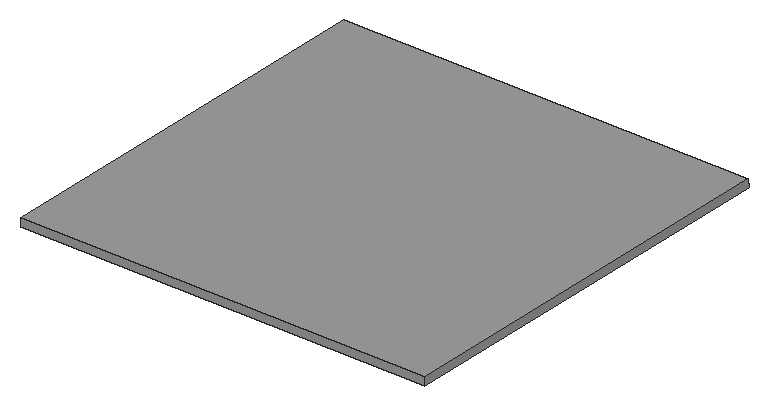
Revit family "WM-MN Unskimmend Family 80mm", category Generic Models, host Ceiling, Revit 2017
Family settings
  Host = Ceiling
  Can host rebar = No
  Round Connector Dimension = Use Diameter
  Part Type = Normal
  Always vertical = Yes
  Cut with Voids When Loaded = No
  Shared = No
  Room Calculation Point = No
Parameters (values of type "Lambdaboard")
  Width = 4000 mm
  URL = "www.rigifoam.com"
  Type Comments = "duncan@rigifoam.com"
  Thermal Resistance = 3.3300 (m²·K)/W
  Thermal Conductivity = 0.0240 W/(m·K)
  Model = "WM/MN Unskimmend 80mm"
  Material = Polyisocyanurate
  Manufacturer = "Lambdaboard"
  Length = 4000 mm
  Description = "Flexible PIR Insulation"
  Depth = 80 mm
  Density = 40.0000 kg/m³
Reference planes
  plane 1 "Center (Front/Back)": y = 0
  plane 2: z = 0
  plane 3 "Center (Left/Right)": x = 0
  plane 4 "Ceiling": z = 4000
Forms (mm)
  Extrusion 1, solid, material "Polyisocyanurate" <- "Material"
    sketch origin (0, 0, 4000) x (0, 1, 0) y (-1, 0, 0)
      loop
        line (2000, 2000) -> (-2000, 2000) -> (-2000, -2000) -> (2000, -2000) -> (2000, 2000)
    from -80 to 0
Dimensions and locks
  equal spacing: host sketch curve, plane 3 "Center (Left/Right)", host sketch curve
  equal spacing: host sketch curve, plane 1 "Center (Front/Back)", host sketch curve
  host sketch curve to host sketch curve = 4000 mm  (x2)
  plane 4 "Ceiling" to host ceiling = 0 mm
  equal spacing: Extrusion 1, plane 3 "Center (Left/Right)", Extrusion 1
  "Length": Extrusion 1 to Extrusion 1
  "Width": Extrusion 1 to Extrusion 1
  "Depth": Extrusion 1 to Extrusion 1
Automatic sketch dimensions
  plane 1 "Center (Front/Back)" to Extrusion 1 sketch curve = 2000 mm
  Extrusion 1 sketch curve to plane 1 "Center (Front/Back)" = 2000 mm
  plane 3 "Center (Left/Right)" to Extrusion 1 sketch curve = 2000 mm
  Extrusion 1 sketch curve to plane 3 "Center (Left/Right)" = 2000 mm
